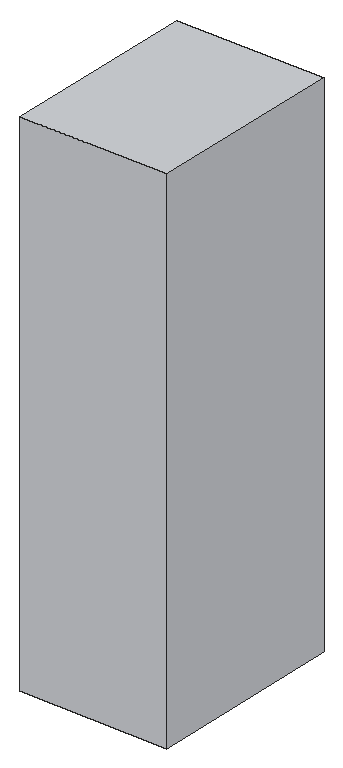
Revit family "PDU_獨立機櫃_600x800x2100", category 電氣設備, Revit 2025
Family settings
  面板規劃 = 兩欄，回路穿越
  圓形接點標註 = 使用直徑
  組件類型 = 分電盤
  OmniClass 編號 = 23.80.30.11.17
  OmniClass 標題 = Distribution Boards and Control Panels
  以工作平面為基礎 = 否
  總是垂直 = 是
  載入時使用空心切割 = 否
  維持標註方位 = 否
  共用 = 否
  房間計算點 = 否
Parameters (values of type "PDU")
  built-in parameter 1155100 [instance] = -1
  Default Elevation = 0 mm
  built-in parameter 1140142 [instance] = -1
  SCADA_高mm [instance] = "2100"
  SCADA_附錄F項次 [instance] = ""
  SCADA_附錄D項次 [instance] = ""
  SCADA_編號 [instance] = ""
  SCADA_站點 [instance] = ""
  SCADA_深mm [instance] = "800"
  SCADA_機櫃類型 [instance] = "PDU"
  SCADA_期別 [instance] = ""
  SCADA_房間 [instance] = ""
  SCADA_建物 [instance] = ""
  SCADA_尺寸 [instance] = "600W×800D×2100H"
  SCADA_寬mm [instance] = "600"
  SCADA_定位來源 [instance] = "手動放置"
  SCADA_備註 [instance] = ""
  SCADA_來源文件 [instance] = ""
  SCADA_UPS電源110V [instance] = ""
  built-in parameter 1140140 [instance] = 1 (stored number, unit not read)
Reference planes
  plane 1 "中心 (前/後)": y = 0
  plane 2: z = 0
  plane 3 "中心 (左/右)": x = 0
Forms (mm)
  Extrusion 1, solid
    sketch origin (0, 0, 0) x (1, 0, 0) y (0, 1, 0)
      loop
        line (-300, -400) -> (300, -400) -> (300, 400) -> (-300, 400) -> (-300, -400)
    from 0 to 2100
Lines and regions (mm)
  symbolic lines, style "開門線"
    curve 1: line (300, -400, 0) -> (300, -1000, 0)
    curve 2: arc (-300, -400, 0) -> (-124.264, -824.264, 0) -> (300, -1000, 0) r 600
    curve 3: line (-300, 400, 0) -> (-300, 1000, 0)
    curve 4: arc (300, 400, 0) -> (124.264, 824.264, 0) -> (-300, 1000, 0) r 600
Dimensions and locks
  aligned and locked: level to plane 2
